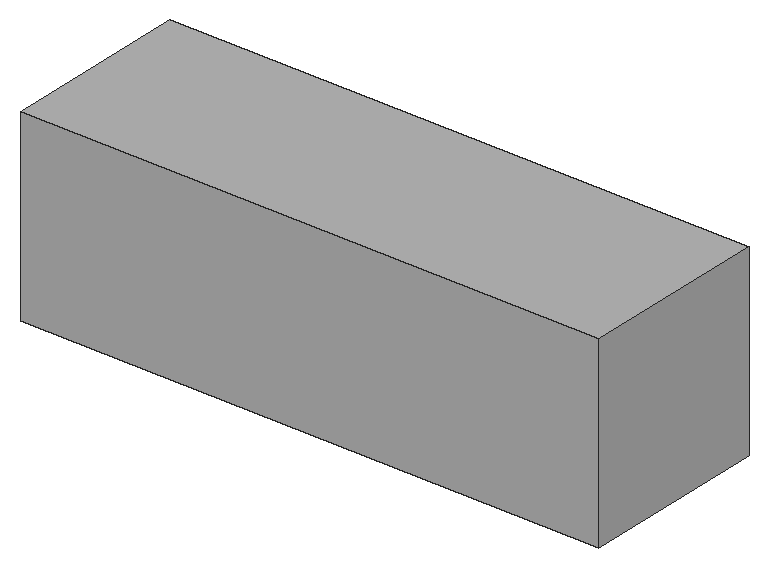
Revit family "215x215x665mm Padstone -PS112", category Generic Models, Revit 2020
Family settings
  Can host rebar = No
  Round Connector Dimension = Use Diameter
  Part Type = Normal
  Work Plane-Based = No
  Always vertical = Yes
  Cut with Voids When Loaded = No
  Shared = No
  Room Calculation Point = No
Parameters
  Weight = "74Kg"
  Warranty Guarantor Parts = "n/a"
  Warranty Guarantor Labour = "n/a"
  Warranty Duration Unit = "n/a"
  Warranty Duration Parts = "n/a"
  Warranty Duration Labour = "n/a"
  Warranty Description = "n/a"
  Unit Width [instance] = 215 mm
  Unit Length [instance] = 665 mm
  Unit Height [instance] = 215 mm
  URL = "www.killeshal.com"
  Types = "Single"
  Type Comments = "Visit our website for a full list of available products."
  Sustainability Performance = "n/a"
  Structural Class = "n/a"
  Span = "Length."
  Slope = "0.00°"
  Size = "215 Wide x 215 High x 665mm Long."
  Shape = "As per drawing"
  Service Life = "0.000000"
  Serial Number = "n/a"
  Resistance to Fire = "n/a"
  Replacement Cost = "n/a"
  Reference = "n/a"
  Notified Body = "n/a"
  Nominal Cover to Main Bar = "n/a"
  Model = "P/112 Padstone."
  Mechanical Resistance = "n/a"
  Manufacturer = "Killeshal Precast Concrete Ltd."
  Load Bearing = yes
  Life Cycle Environmental Load = "n/a"
  Length Options = "Stock sizes available. Custom sizes made to order."
  Keynote = "The information contained is the sole property of KPC Ltd., any reproduction in part or whole without permission of KPC Ltd. is prohibited."
  Environmental Product Declaration = "n/a"
  Environmental Class = "n/a"
  Durability against Corrosion = "n/a"
  Dimension Accuracy Class = "n/a"
  Detailing = "As per design specification and product drawings."
  Description = "Padstone 215 x 215 x 665mm."
  Default Elevation = 0 mm
  Dangerous Substances = "n/a"
  Contact Tel = "0035357 9353018"
  Contact Email = "sales@killeshal.com"
  Construction Type = "Precast"
  Construction Tolerance Class = "n/a"
  Compressive Strength of Concrete = "40N/mm²"
  Characteristics of Reinforcing Steel = "n/a"
  Characteristics Deflection Under Load = "n/a"
Reference planes
  plane 1 "Center (Front/Back)": y = 0
  plane 2: z = 0
  plane 3 "Center (Left/Right)": x = 0
  plane 4 "Rear": y = 107.5
  plane 5 "Front": y = -107.5
  plane 6 "Top": z = 215
Forms (mm)
  Extrusion 1, solid, material "Precast Concrete (KPC)"
    sketch origin (0, 0, 0) x (0, 1, 0) y (0, 0, 1)
      loop
        line (107.5, 0) -> (107.5, 215) -> (-107.5, 215) -> (-107.5, 0) -> (107.5, 0)
    from 0 to 665
Dimensions and locks
  "Unit Length": Extrusion 1 to Extrusion 1
  "Unit Width": Extrusion 1 to Extrusion 1
  "Unit Height": Extrusion 1 to Extrusion 1
  aligned and locked: level to plane 2
Automatic sketch dimensions
  Extrusion 1 sketch curve to level = 0 mm
  Extrusion 1 sketch curve to plane 5 "Front" = 0 mm
  Extrusion 1 sketch curve to plane 4 "Rear" = 0 mm
  Extrusion 1 sketch curve to plane 6 "Top" = 0 mm
